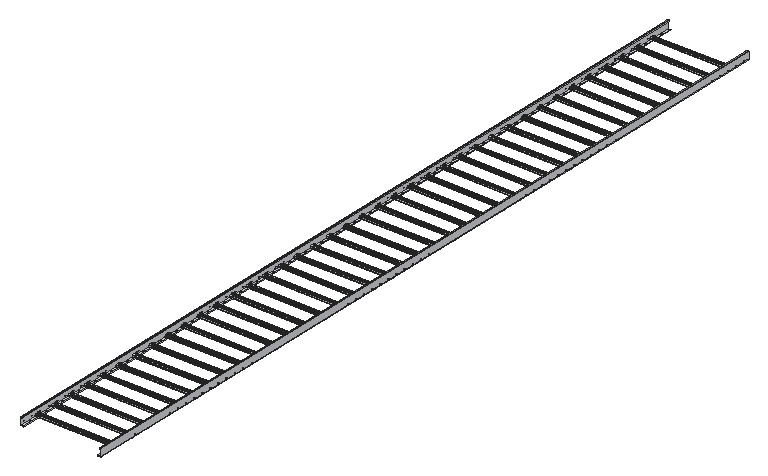
Revit family "Kabelleiter LG 60, 6 m VS FT", category Generic Models, Revit 2017 (continued)
Forms (mm)
  Extrusion 33, solid
    sketch origin (0, 4650, 0) x (0, 1, 0) y (0, 0, 1)
      loop
        arc (135, 4.5) -> (135.879, 2.379) -> (138, 1.5) r 3
        line (138, 1.5) -> (162, 1.5)
        arc (162, 1.5) -> (164.121, 2.379) -> (165, 4.5) r 3
        line (165, 4.5) -> (165, 13.5)
        arc (165, 13.5) -> (164.121, 15.621) -> (162, 16.5) r 3
        line (162, 16.5) -> (158.5, 16.5) -> (158.5, 15) -> (162, 15)
        arc (162, 15) -> (163.061, 14.561) -> (163.5, 13.5) r 1.5
        line (163.5, 13.5) -> (163.5, 4.5)
        arc (163.5, 4.5) -> (163.061, 3.439) -> (162, 3) r 1.5
        line (162, 3) -> (138, 3)
        arc (138, 3) -> (136.939, 3.439) -> (136.5, 4.5) r 1.5
        line (136.5, 4.5) -> (136.5, 13.5)
        arc (136.5, 13.5) -> (136.939, 14.561) -> (138, 15) r 1.5
        line (138, 15) -> (141.5, 15) -> (141.5, 16.5)
    from 1.663 to 598.529
  Extrusion 34, solid
    sketch origin (0, 4800, 0) x (0, 1, 0) y (0, 0, 1)
      loop
        line (141.5, 16.5) -> (138, 16.5)
        arc (138, 16.5) -> (135.879, 15.621) -> (135, 13.5) r 3
        line (135, 13.5) -> (135, 4.5)
        arc (135, 4.5) -> (135.879, 2.379) -> (138, 1.5) r 3
        line (138, 1.5) -> (162, 1.5)
        arc (162, 1.5) -> (164.121, 2.379) -> (165, 4.5) r 3
        line (165, 4.5) -> (165, 13.5)
        arc (165, 13.5) -> (164.121, 15.621) -> (162, 16.5) r 3
        line (162, 16.5) -> (158.5, 16.5) -> (158.5, 15) -> (162, 15)
        arc (162, 15) -> (163.061, 14.561) -> (163.5, 13.5) r 1.5
        line (163.5, 13.5) -> (163.5, 4.5)
        arc (163.5, 4.5) -> (163.061, 3.439) -> (162, 3) r 1.5
        line (162, 3) -> (138, 3)
        arc (138, 3) -> (136.939, 3.439) -> (136.5, 4.5) r 1.5
        line (136.5, 4.5) -> (136.5, 13.5)
        arc (136.5, 13.5) -> (136.939, 14.561) -> (138, 15) r 1.5
        line (138, 15) -> (141.5, 15) -> (141.5, 16.5)
    from 1.663 to 598.529
  Extrusion 35, solid
    sketch origin (0, 4950, 0) x (0, 1, 0) y (0, 0, 1)
      loop
        line (141.5, 16.5) -> (138, 16.5)
        arc (138, 16.5) -> (135.879, 15.621) -> (135, 13.5) r 3
        line (135, 13.5) -> (135, 4.5)
        arc (135, 4.5) -> (135.879, 2.379) -> (138, 1.5) r 3
        line (138, 1.5) -> (162, 1.5)
        arc (162, 1.5) -> (164.121, 2.379) -> (165, 4.5) r 3
        line (165, 4.5) -> (165, 13.5)
        arc (165, 13.5) -> (164.121, 15.621) -> (162, 16.5) r 3
        line (162, 16.5) -> (158.5, 16.5) -> (158.5, 15) -> (162, 15)
        arc (162, 15) -> (163.061, 14.561) -> (163.5, 13.5) r 1.5
        line (163.5, 13.5) -> (163.5, 4.5)
        arc (163.5, 4.5) -> (163.061, 3.439) -> (162, 3) r 1.5
        line (162, 3) -> (138, 3)
        arc (138, 3) -> (136.939, 3.439) -> (136.5, 4.5) r 1.5
        line (136.5, 4.5) -> (136.5, 13.5)
        arc (136.5, 13.5) -> (136.939, 14.561) -> (138, 15) r 1.5
        line (138, 15) -> (141.5, 15) -> (141.5, 16.5)
    from 1.663 to 598.529
  Extrusion 36, solid
    sketch origin (0, 5100, 0) x (0, 1, 0) y (0, 0, 1)
      loop
        line (141.5, 16.5) -> (138, 16.5)
        arc (138, 16.5) -> (135.879, 15.621) -> (135, 13.5) r 3
        line (135, 13.5) -> (135, 4.5)
        arc (135, 4.5) -> (135.879, 2.379) -> (138, 1.5) r 3
        line (138, 1.5) -> (162, 1.5)
        arc (162, 1.5) -> (164.121, 2.379) -> (165, 4.5) r 3
        line (165, 4.5) -> (165, 13.5)
        arc (165, 13.5) -> (164.121, 15.621) -> (162, 16.5) r 3
        line (162, 16.5) -> (158.5, 16.5) -> (158.5, 15) -> (162, 15)
        arc (162, 15) -> (163.061, 14.561) -> (163.5, 13.5) r 1.5
        line (163.5, 13.5) -> (163.5, 4.5)
        arc (163.5, 4.5) -> (163.061, 3.439) -> (162, 3) r 1.5
        line (162, 3) -> (138, 3)
        arc (138, 3) -> (136.939, 3.439) -> (136.5, 4.5) r 1.5
        line (136.5, 4.5) -> (136.5, 13.5)
        arc (136.5, 13.5) -> (136.939, 14.561) -> (138, 15) r 1.5
        line (138, 15) -> (141.5, 15) -> (141.5, 16.5)
    from 1.663 to 598.529
  Extrusion 37, solid
    sketch origin (0, 5250, 0) x (0, 1, 0) y (0, 0, 1)
      loop
        line (141.5, 16.5) -> (138, 16.5)
        arc (138, 16.5) -> (135.879, 15.621) -> (135, 13.5) r 3
        line (135, 13.5) -> (135, 4.5)
        arc (135, 4.5) -> (135.879, 2.379) -> (138, 1.5) r 3
        line (138, 1.5) -> (162, 1.5)
        arc (162, 1.5) -> (164.121, 2.379) -> (165, 4.5) r 3
        line (165, 4.5) -> (165, 13.5)
        arc (165, 13.5) -> (164.121, 15.621) -> (162, 16.5) r 3
        line (162, 16.5) -> (158.5, 16.5) -> (158.5, 15) -> (162, 15)
        arc (162, 15) -> (163.061, 14.561) -> (163.5, 13.5) r 1.5
        line (163.5, 13.5) -> (163.5, 4.5)
        arc (163.5, 4.5) -> (163.061, 3.439) -> (162, 3) r 1.5
        line (162, 3) -> (138, 3)
        arc (138, 3) -> (136.939, 3.439) -> (136.5, 4.5) r 1.5
        line (136.5, 4.5) -> (136.5, 13.5)
        arc (136.5, 13.5) -> (136.939, 14.561) -> (138, 15) r 1.5
        line (138, 15) -> (141.5, 15) -> (141.5, 16.5)
    from 1.663 to 598.529
  Extrusion 38, solid
    sketch origin (0, 5400, 0) x (0, 1, 0) y (0, 0, 1)
      loop
        line (141.5, 16.5) -> (138, 16.5)
        arc (138, 16.5) -> (135.879, 15.621) -> (135, 13.5) r 3
        line (135, 13.5) -> (135, 4.5)
        arc (135, 4.5) -> (135.879, 2.379) -> (138, 1.5) r 3
        line (138, 1.5) -> (162, 1.5)
        arc (162, 1.5) -> (164.121, 2.379) -> (165, 4.5) r 3
        line (165, 4.5) -> (165, 13.5)
        arc (165, 13.5) -> (164.121, 15.621) -> (162, 16.5) r 3
        line (162, 16.5) -> (158.5, 16.5) -> (158.5, 15) -> (162, 15)
        arc (162, 15) -> (163.061, 14.561) -> (163.5, 13.5) r 1.5
        line (163.5, 13.5) -> (163.5, 4.5)
        arc (163.5, 4.5) -> (163.061, 3.439) -> (162, 3) r 1.5
        line (162, 3) -> (138, 3)
        arc (138, 3) -> (136.939, 3.439) -> (136.5, 4.5) r 1.5
        line (136.5, 4.5) -> (136.5, 13.5)
        arc (136.5, 13.5) -> (136.939, 14.561) -> (138, 15) r 1.5
        line (138, 15) -> (141.5, 15) -> (141.5, 16.5)
    from 1.663 to 598.529
  Extrusion 39, solid
    sketch origin (0, 5550, 0) x (0, 1, 0) y (0, 0, 1)
      loop
        line (141.5, 16.5) -> (138, 16.5)
        arc (138, 16.5) -> (135.879, 15.621) -> (135, 13.5) r 3
        line (135, 13.5) -> (135, 4.5)
        arc (135, 4.5) -> (135.879, 2.379) -> (138, 1.5) r 3
        line (138, 1.5) -> (162, 1.5)
        arc (162, 1.5) -> (164.121, 2.379) -> (165, 4.5) r 3
        line (165, 4.5) -> (165, 13.5)
        arc (165, 13.5) -> (164.121, 15.621) -> (162, 16.5) r 3
        line (162, 16.5) -> (158.5, 16.5) -> (158.5, 15) -> (162, 15)
        arc (162, 15) -> (163.061, 14.561) -> (163.5, 13.5) r 1.5
        line (163.5, 13.5) -> (163.5, 4.5)
        arc (163.5, 4.5) -> (163.061, 3.439) -> (162, 3) r 1.5
        line (162, 3) -> (138, 3)
        arc (138, 3) -> (136.939, 3.439) -> (136.5, 4.5) r 1.5
        line (136.5, 4.5) -> (136.5, 13.5)
        arc (136.5, 13.5) -> (136.939, 14.561) -> (138, 15) r 1.5
        line (138, 15) -> (141.5, 15) -> (141.5, 16.5)
    from 1.663 to 598.529
  Extrusion 40, solid
    sketch origin (0, 5700, 0) x (0, 1, 0) y (0, 0, 1)
      loop
        line (141.5, 16.5) -> (138, 16.5)
        arc (138, 16.5) -> (135.879, 15.621) -> (135, 13.5) r 3
        line (135, 13.5) -> (135, 4.5)
        arc (135, 4.5) -> (135.879, 2.379) -> (138, 1.5) r 3
        line (138, 1.5) -> (162, 1.5)
        arc (162, 1.5) -> (164.121, 2.379) -> (165, 4.5) r 3
        line (165, 4.5) -> (165, 13.5)
        arc (165, 13.5) -> (164.121, 15.621) -> (162, 16.5) r 3
        line (162, 16.5) -> (158.5, 16.5) -> (158.5, 15) -> (162, 15)
        arc (162, 15) -> (163.061, 14.561) -> (163.5, 13.5) r 1.5
        line (163.5, 13.5) -> (163.5, 4.5)
        arc (163.5, 4.5) -> (163.061, 3.439) -> (162, 3) r 1.5
        line (162, 3) -> (138, 3)
        arc (138, 3) -> (136.939, 3.439) -> (136.5, 4.5) r 1.5
        line (136.5, 4.5) -> (136.5, 13.5)
        arc (136.5, 13.5) -> (136.939, 14.561) -> (138, 15) r 1.5
        line (138, 15) -> (141.5, 15) -> (141.5, 16.5)
    from 1.663 to 598.529
  Extrusion 41, void
    sketch origin (0, 0, 0) x (1, 0, 0) y (0, 1, 0)
      loop
        circle (16.5, 75) r 4.5
    from 0 to 3
  Extrusion 42, void
    sketch origin (0, 150, 0) x (1, 0, 0) y (0, 1, 0)
      loop
        circle (16.5, 75) r 4.5
    from 0 to 3
  Extrusion 43, void
    sketch origin (0, 0, 0) x (1, 0, 0) y (0, 1, 0)
      loop
        circle (583.466, 75) r 4.5
    from 0 to 3
  Extrusion 44, void
    sketch origin (0, 300, 0) x (1, 0, 0) y (0, 1, 0)
      loop
        circle (16.5, 75) r 4.5
    from 0 to 3
  Extrusion 45, void
    sketch origin (0, 450, 0) x (1, 0, 0) y (0, 1, 0)
      loop
        circle (16.5, 75) r 4.5
    from 0 to 3
  Extrusion 46, void
    sketch origin (0, 600, 0) x (1, 0, 0) y (0, 1, 0)
      loop
        circle (16.5, 75) r 4.5
    from 0 to 3
  Extrusion 47, void
    sketch origin (0, 750, 0) x (1, 0, 0) y (0, 1, 0)
      loop
        circle (16.5, 75) r 4.5
    from 0 to 3
  Extrusion 48, void
    sketch origin (0, 900, 0) x (1, 0, 0) y (0, 1, 0)
      loop
        circle (16.5, 75) r 4.5
    from 0 to 3
  Extrusion 49, void
    sketch origin (0, 1050, 0) x (1, 0, 0) y (0, 1, 0)
      loop
        circle (16.5, 75) r 4.5
    from 0 to 3
  Extrusion 50, void
    sketch origin (0, 1200, 0) x (1, 0, 0) y (0, 1, 0)
      loop
        circle (16.5, 75) r 4.5
    from 0 to 3
  Extrusion 51, void
    sketch origin (0, 1350, 0) x (1, 0, 0) y (0, 1, 0)
      loop
        circle (16.5, 75) r 4.5
    from 0 to 3
  Extrusion 52, void
    sketch origin (0, 1500, 0) x (1, 0, 0) y (0, 1, 0)
      loop
        circle (16.5, 75) r 4.5
    from 0 to 3
  Extrusion 53, void
    sketch origin (0, 1650, 0) x (1, 0, 0) y (0, 1, 0)
      loop
        circle (16.5, 75) r 4.5
    from 0 to 3
  Extrusion 54, void
    sketch origin (0, 1800, 0) x (1, 0, 0) y (0, 1, 0)
      loop
        circle (16.5, 75) r 4.5
    from 0 to 3
  Extrusion 55, void
    sketch origin (0, 1950, 0) x (1, 0, 0) y (0, 1, 0)
      loop
        circle (16.5, 75) r 4.5
    from 0 to 3
  Extrusion 56, void
    sketch origin (0, 2100, 0) x (1, 0, 0) y (0, 1, 0)
      loop
        circle (16.5, 75) r 4.5
    from 0 to 3
  Extrusion 57, void
    sketch origin (0, 2250, 0) x (1, 0, 0) y (0, 1, 0)
      loop
        circle (16.5, 75) r 4.5
    from 0 to 3
  Extrusion 58, void
    sketch origin (0, 2400, 0) x (1, 0, 0) y (0, 1, 0)
      loop
        circle (16.5, 75) r 4.5
    from 0 to 3
  Extrusion 59, void
    sketch origin (0, 2550, 0) x (1, 0, 0) y (0, 1, 0)
      loop
        circle (16.5, 75) r 4.5
    from 0 to 3
  Extrusion 60, void
    sketch origin (0, 2700, 0) x (1, 0, 0) y (0, 1, 0)
      loop
        circle (16.5, 75) r 4.5
    from 0 to 3
  Extrusion 61, void
    sketch origin (0, 2850, 0) x (1, 0, 0) y (0, 1, 0)
      loop
        circle (16.5, 75) r 4.5
    from 0 to 3
  Extrusion 62, void
    sketch origin (0, 3000, 0) x (1, 0, 0) y (0, 1, 0)
      loop
        circle (16.5, 75) r 4.5
    from 0 to 3
  Extrusion 63, void
    sketch origin (0, 3150, 0) x (1, 0, 0) y (0, 1, 0)
      loop
        circle (16.5, 75) r 4.5
    from 0 to 3
  Extrusion 64, void
    sketch origin (0, 3300, 0) x (1, 0, 0) y (0, 1, 0)
      loop
        circle (16.5, 75) r 4.5
    from 0 to 3
  Extrusion 65, void
    sketch origin (0, 3450, 0) x (1, 0, 0) y (0, 1, 0)
      loop
        circle (16.5, 75) r 4.5
    from 0 to 3
  Extrusion 66, void
    sketch origin (0, 3600, 0) x (1, 0, 0) y (0, 1, 0)
      loop
        circle (16.5, 75) r 4.5
    from 0 to 3
  Extrusion 67, void
    sketch origin (0, 3750, 0) x (1, 0, 0) y (0, 1, 0)
      loop
        circle (16.5, 75) r 4.5
    from 0 to 3
  Extrusion 68, void
    sketch origin (0, 3900, 0) x (1, 0, 0) y (0, 1, 0)
      loop
        circle (16.5, 75) r 4.5
    from 0 to 3
  Extrusion 69, void
    sketch origin (0, 4050, 0) x (1, 0, 0) y (0, 1, 0)
      loop
        circle (16.5, 75) r 4.5
    from 0 to 3
  Extrusion 70, void
    sketch origin (0, 4200, 0) x (1, 0, 0) y (0, 1, 0)
      loop
        circle (16.5, 75) r 4.5
    from 0 to 3
  Extrusion 71, void
    sketch origin (0, 4350, 0) x (1, 0, 0) y (0, 1, 0)
      loop
        circle (16.5, 75) r 4.5
    from 0 to 3
  Extrusion 72, void
    sketch origin (0, 4500, 0) x (1, 0, 0) y (0, 1, 0)
      loop
        circle (16.5, 75) r 4.5
    from 0 to 3
  Extrusion 73, void
    sketch origin (0, 4650, 0) x (1, 0, 0) y (0, 1, 0)
      loop
        circle (16.5, 75) r 4.5
    from 0 to 3
  Extrusion 74, void
    sketch origin (0, 4800, 0) x (1, 0, 0) y (0, 1, 0)
      loop
        circle (16.5, 75) r 4.5
    from 0 to 3
  Extrusion 75, void
    sketch origin (0, 4950, 0) x (1, 0, 0) y (0, 1, 0)
      loop
        circle (16.5, 75) r 4.5
    from 0 to 3
  Extrusion 76, void
    sketch origin (0, 5100, 0) x (1, 0, 0) y (0, 1, 0)
      loop
        circle (16.5, 75) r 4.5
    from 0 to 3
  Extrusion 77, void
    sketch origin (0, 5250, 0) x (1, 0, 0) y (0, 1, 0)
      loop
        circle (16.5, 75) r 4.5
    from 0 to 3
  Extrusion 78, void
    sketch origin (0, 5400, 0) x (1, 0, 0) y (0, 1, 0)
      loop
        circle (16.5, 75) r 4.5
    from 0 to 3
  Extrusion 79, void
    sketch origin (0, 5550, 0) x (1, 0, 0) y (0, 1, 0)
      loop
        circle (16.5, 75) r 4.5
    from 0 to 3
  Extrusion 80, void
    sketch origin (0, 5700, 0) x (1, 0, 0) y (0, 1, 0)
      loop
        circle (16.5, 75) r 4.5
    from 0 to 3
  Extrusion 81, void
    sketch origin (0, 5850, 0) x (1, 0, 0) y (0, 1, 0)
      loop
        circle (16.5, 75) r 4.5
    from 0 to 3
  Extrusion 82, void
    sketch origin (567.045, 150, 0) x (1, 0, 0) y (0, 1, 0)
      loop
        circle (16.5, 75) r 4.5
    from 0 to 3
  Extrusion 83, void
    sketch origin (567.045, 300, 0) x (1, 0, 0) y (0, 1, 0)
      loop
        circle (16.5, 75) r 4.5
    from 0 to 3
  Extrusion 84, void
    sketch origin (567.045, 450, 0) x (1, 0, 0) y (0, 1, 0)
      loop
        circle (16.5, 75) r 4.5
    from 0 to 3
  Extrusion 85, void
    sketch origin (567.045, 600, 0) x (1, 0, 0) y (0, 1, 0)
      loop
        circle (16.5, 75) r 4.5
    from 0 to 3
  Extrusion 86, void
    sketch origin (567.045, 750, 0) x (1, 0, 0) y (0, 1, 0)
      loop
        circle (16.5, 75) r 4.5
    from 0 to 3
  Extrusion 87, void
    sketch origin (567.045, 900, 0) x (1, 0, 0) y (0, 1, 0)
      loop
        circle (16.5, 75) r 4.5
    from 0 to 3
  Extrusion 88, void
    sketch origin (567.045, 1050, 0) x (1, 0, 0) y (0, 1, 0)
      loop
        circle (16.5, 75) r 4.5
    from 0 to 3
  Extrusion 89, void
    sketch origin (567.045, 1200, 0) x (1, 0, 0) y (0, 1, 0)
      loop
        circle (16.5, 75) r 4.5
    from 0 to 3
  Extrusion 90, void
    sketch origin (567.045, 1350, 0) x (1, 0, 0) y (0, 1, 0)
      loop
        circle (16.5, 75) r 4.5
    from 0 to 3
  Extrusion 91, void
    sketch origin (567.045, 1500, 0) x (1, 0, 0) y (0, 1, 0)
      loop
        circle (16.5, 75) r 4.5
    from 0 to 3
  Extrusion 92, void
    sketch origin (567.045, 1650, 0) x (1, 0, 0) y (0, 1, 0)
      loop
        circle (16.5, 75) r 4.5
    from 0 to 3
  Extrusion 93, void
    sketch origin (567.045, 1800, 0) x (1, 0, 0) y (0, 1, 0)
      loop
        circle (16.5, 75) r 4.5
    from 0 to 3
  Extrusion 94, void
    sketch origin (567.045, 1950, 0) x (1, 0, 0) y (0, 1, 0)
      loop
        circle (16.5, 75) r 4.5
    from 0 to 3
  Extrusion 95, void
    sketch origin (568.545, 2100, 0) x (1, 0, 0) y (0, 1, 0)
      loop
        circle (16.5, 75) r 4.5
    from 0 to 3
  Extrusion 96, void, not visible
    sketch origin (0, 0, 0) x (1, 0, 0) y (0, 1, 0)
      loop
        circle (16.5, 75) r 4.5
    from 0 to 3
  Extrusion 97, void
    sketch origin (566.995, 2250, 0) x (1, 0, 0) y (0, 1, 0)
      loop
        circle (16.5, 75) r 4.5
    from 0 to 3
  Extrusion 98, void
    sketch origin (566.995, 2400, 0) x (1, 0, 0) y (0, 1, 0)
      loop
        circle (16.5, 75) r 4.5
    from 0 to 3
  Extrusion 99, void
    sketch origin (566.995, 2550, 0) x (1, 0, 0) y (0, 1, 0)
      loop
        circle (16.5, 75) r 4.5
    from 0 to 3
  Extrusion 100, void
    sketch origin (566.995, 2700, 0) x (1, 0, 0) y (0, 1, 0)
      loop
        circle (16.5, 75) r 4.5
    from 0 to 3
  Extrusion 101, void
    sketch origin (566.995, 2850, 0) x (1, 0, 0) y (0, 1, 0)
      loop
        circle (16.5, 75) r 4.5
    from 0 to 3
  Extrusion 102, void
    sketch origin (566.995, 3000, 0) x (1, 0, 0) y (0, 1, 0)
      loop
        circle (16.5, 75) r 4.5
    from 0 to 3
  Extrusion 103, void
    sketch origin (566.995, 3150, 0) x (1, 0, 0) y (0, 1, 0)
      loop
        circle (16.5, 75) r 4.5
    from 0 to 3
  Extrusion 104, void
    sketch origin (566.995, 3300, 0) x (1, 0, 0) y (0, 1, 0)
      loop
        circle (16.5, 75) r 4.5
    from 0 to 3
  Extrusion 105, void
    sketch origin (566.995, 3450, 0) x (1, 0, 0) y (0, 1, 0)
      loop
        circle (16.5, 75) r 4.5
    from 0 to 3
  Extrusion 106, void
    sketch origin (566.995, 3600, 0) x (1, 0, 0) y (0, 1, 0)
      loop
        circle (16.5, 75) r 4.5
    from 0 to 3
  Extrusion 107, void
    sketch origin (567.045, 3750, 0) x (1, 0, 0) y (0, 1, 0)
      loop
        circle (16.5, 75) r 4.5
    from 0 to 3
  Extrusion 108, void
    sketch origin (567.045, 3900, 0) x (1, 0, 0) y (0, 1, 0)
      loop
        circle (16.5, 75) r 4.5
    from 0 to 3
  Extrusion 109, void
    sketch origin (567.045, 4050, 0) x (1, 0, 0) y (0, 1, 0)
      loop
        circle (16.5, 75) r 4.5
    from 0 to 3
  Extrusion 110, void
    sketch origin (567.045, 4200, 0) x (1, 0, 0) y (0, 1, 0)
      loop
        circle (16.5, 75) r 4.5
    from 0 to 3
  Extrusion 111, void
    sketch origin (567.045, 4350, 0) x (1, 0, 0) y (0, 1, 0)
      loop
        circle (16.5, 75) r 4.5
    from 0 to 3
  Extrusion 112, void
    sketch origin (567.045, 4500, 0) x (1, 0, 0) y (0, 1, 0)
      loop
        circle (16.5, 75) r 4.5
    from 0 to 3
  Extrusion 113, void
    sketch origin (567.045, 4650, 0) x (1, 0, 0) y (0, 1, 0)
      loop
        circle (16.5, 75) r 4.5
    from 0 to 3
  Extrusion 114, void
    sketch origin (567.045, 4800, 0) x (1, 0, 0) y (0, 1, 0)
      loop
        circle (16.5, 75) r 4.5
    from 0 to 3
  Extrusion 115, void
    sketch origin (567.045, 4950, 0) x (1, 0, 0) y (0, 1, 0)
      loop
        circle (16.5, 75) r 4.5
    from 0 to 3
  Extrusion 116, void
    sketch origin (567.045, 5100, 0) x (1, 0, 0) y (0, 1, 0)
      loop
        circle (16.5, 75) r 4.5
    from 0 to 3
  Extrusion 117, void
    sketch origin (567.045, 5250, 0) x (1, 0, 0) y (0, 1, 0)
      loop
        circle (16.5, 75) r 4.5
    from 0 to 3
  Extrusion 118, void
    sketch origin (567.045, 5400, 0) x (1, 0, 0) y (0, 1, 0)
      loop
        circle (16.5, 75) r 4.5
    from 0 to 3
  Extrusion 119, void
    sketch origin (567.045, 5550, 0) x (1, 0, 0) y (0, 1, 0)
      loop
        circle (16.5, 75) r 4.5
    from 0 to 3
  Extrusion 120, void
    sketch origin (567.045, 5700, 0) x (1, 0, 0) y (0, 1, 0)
      loop
        circle (16.5, 75) r 4.5
    from 0 to 3
  Extrusion 121, void
    sketch origin (567.045, 5850, 0) x (1, 0, 0) y (0, 1, 0)
      loop
        circle (16.5, 75) r 4.5
    from 0 to 3
  Extrusion 122, void
    sketch origin (0, 0, 0) x (0, 1, 0) y (0, 0, 1)
      loop
        line (23.5, 18.5) -> (23.5, 9.5) -> (51.5, 9.5) -> (51.5, 18.5) -> (23.5, 18.5)
    from 0 to 1.5
  Extrusion 123, void
    sketch origin (0, 75, 0) x (0, 1, 0) y (0, 0, 1)
      loop
        line (23.5, 18.5) -> (23.5, 9.5) -> (51.5, 9.5) -> (51.5, 18.5) -> (23.5, 18.5)
    from 0 to 1.5
  Extrusion 124, void
    sketch origin (0, 150, 0) x (0, 1, 0) y (0, 0, 1)
      loop
        line (23.5, 18.5) -> (23.5, 9.5) -> (51.5, 9.5) -> (51.5, 18.5) -> (23.5, 18.5)
    from 0 to 1.5
  Extrusion 125, void
    sketch origin (0, 225, 0) x (0, 1, 0) y (0, 0, 1)
      loop
        line (23.5, 18.5) -> (23.5, 9.5) -> (51.5, 9.5) -> (51.5, 18.5) -> (23.5, 18.5)
    from 0 to 1.5
  Extrusion 126, void
    sketch origin (0, 300, 0) x (0, 1, 0) y (0, 0, 1)
      loop
        line (23.5, 18.5) -> (23.5, 9.5) -> (51.5, 9.5) -> (51.5, 18.5) -> (23.5, 18.5)
    from 0 to 1.5
  Extrusion 127, void
    sketch origin (0, 375, 0) x (0, 1, 0) y (0, 0, 1)
      loop
        line (23.5, 18.5) -> (23.5, 9.5) -> (51.5, 9.5) -> (51.5, 18.5) -> (23.5, 18.5)
    from 0 to 1.5
  Extrusion 128, void
    sketch origin (0, 450, 0) x (0, 1, 0) y (0, 0, 1)
      loop
        line (23.5, 18.5) -> (23.5, 9.5) -> (51.5, 9.5) -> (51.5, 18.5) -> (23.5, 18.5)
    from 0 to 1.5
  Extrusion 129, void
    sketch origin (0, 525, 0) x (0, 1, 0) y (0, 0, 1)
      loop
        line (23.5, 18.5) -> (23.5, 9.5) -> (51.5, 9.5) -> (51.5, 18.5) -> (23.5, 18.5)
    from 0 to 1.5
  Extrusion 130, void
    sketch origin (0, 600, 0) x (0, 1, 0) y (0, 0, 1)
      loop
        line (23.5, 18.5) -> (23.5, 9.5) -> (51.5, 9.5) -> (51.5, 18.5) -> (23.5, 18.5)
    from 0 to 1.5
  Extrusion 131, void
    sketch origin (0, 675, 0) x (0, 1, 0) y (0, 0, 1)
      loop
        line (23.5, 18.5) -> (23.5, 9.5) -> (51.5, 9.5) -> (51.5, 18.5) -> (23.5, 18.5)
    from 0 to 1.5
  Extrusion 132, void
    sketch origin (0, 750, 0) x (0, 1, 0) y (0, 0, 1)
      loop
        line (23.5, 18.5) -> (23.5, 9.5) -> (51.5, 9.5) -> (51.5, 18.5) -> (23.5, 18.5)
    from 0 to 1.5
  Extrusion 133, void
    sketch origin (0, 825, 0) x (0, 1, 0) y (0, 0, 1)
      loop
        line (23.5, 18.5) -> (23.5, 9.5) -> (51.5, 9.5) -> (51.5, 18.5) -> (23.5, 18.5)
    from 0 to 1.5
  Extrusion 134, void
    sketch origin (0, 900, 0) x (0, 1, 0) y (0, 0, 1)
      loop
        line (23.5, 18.5) -> (23.5, 9.5) -> (51.5, 9.5) -> (51.5, 18.5) -> (23.5, 18.5)
    from 0 to 1.5
  Extrusion 135, void
    sketch origin (0, 975, 0) x (0, 1, 0) y (0, 0, 1)
      loop
        line (23.5, 18.5) -> (23.5, 9.5) -> (51.5, 9.5) -> (51.5, 18.5) -> (23.5, 18.5)
    from 0 to 1.5
  Extrusion 136, void
    sketch origin (0, 1050, 0) x (0, 1, 0) y (0, 0, 1)
      loop
        line (23.5, 18.5) -> (23.5, 9.5) -> (51.5, 9.5) -> (51.5, 18.5) -> (23.5, 18.5)
    from 0 to 1.5
  Extrusion 137, void
    sketch origin (0, 1125, 0) x (0, 1, 0) y (0, 0, 1)
      loop
        line (23.5, 18.5) -> (23.5, 9.5) -> (51.5, 9.5) -> (51.5, 18.5) -> (23.5, 18.5)
    from 0 to 1.5
  Extrusion 138, void
    sketch origin (0, 1200, 0) x (0, 1, 0) y (0, 0, 1)
      loop
        line (23.5, 18.5) -> (23.5, 9.5) -> (51.5, 9.5) -> (51.5, 18.5) -> (23.5, 18.5)
    from 0 to 1.5
  Extrusion 139, void
    sketch origin (0, 1275, 0) x (0, 1, 0) y (0, 0, 1)
      loop
        line (23.5, 18.5) -> (23.5, 9.5) -> (51.5, 9.5) -> (51.5, 18.5) -> (23.5, 18.5)
    from 0 to 1.5
  Extrusion 140, void
    sketch origin (0, 1350, 0) x (0, 1, 0) y (0, 0, 1)
      loop
        line (23.5, 18.5) -> (23.5, 9.5) -> (51.5, 9.5) -> (51.5, 18.5) -> (23.5, 18.5)
    from 0 to 1.5
  Extrusion 141, void
    sketch origin (0, 1425, 0) x (0, 1, 0) y (0, 0, 1)
      loop
        line (23.5, 18.5) -> (23.5, 9.5) -> (51.5, 9.5) -> (51.5, 18.5) -> (23.5, 18.5)
    from 0 to 1.5
  Extrusion 142, void
    sketch origin (0, 1500, 0) x (0, 1, 0) y (0, 0, 1)
      loop
        line (23.5, 18.5) -> (23.5, 9.5) -> (51.5, 9.5) -> (51.5, 18.5) -> (23.5, 18.5)
    from 0 to 1.5
  Extrusion 143, void
    sketch origin (0, 1575, 0) x (0, 1, 0) y (0, 0, 1)
      loop
        line (23.5, 18.5) -> (23.5, 9.5) -> (51.5, 9.5) -> (51.5, 18.5) -> (23.5, 18.5)
    from 0 to 1.5
  Extrusion 144, void
    sketch origin (0, 1650, 0) x (0, 1, 0) y (0, 0, 1)
      loop
        line (23.5, 18.5) -> (23.5, 9.5) -> (51.5, 9.5) -> (51.5, 18.5) -> (23.5, 18.5)
    from 0 to 1.5
  Extrusion 145, void
    sketch origin (0, 1725, 0) x (0, 1, 0) y (0, 0, 1)
      loop
        line (23.5, 18.5) -> (23.5, 9.5) -> (51.5, 9.5) -> (51.5, 18.5) -> (23.5, 18.5)
    from 0 to 1.5
  Extrusion 146, void
    sketch origin (0, 1800, 0) x (0, 1, 0) y (0, 0, 1)
      loop
        line (23.5, 18.5) -> (23.5, 9.5) -> (51.5, 9.5) -> (51.5, 18.5) -> (23.5, 18.5)
    from 0 to 1.5
  Extrusion 147, void
    sketch origin (0, 1875, 0) x (0, 1, 0) y (0, 0, 1)
      loop
        line (23.5, 18.5) -> (23.5, 9.5) -> (51.5, 9.5) -> (51.5, 18.5) -> (23.5, 18.5)
    from 0 to 1.5
  Extrusion 148, void
    sketch origin (0, 1950, 0) x (0, 1, 0) y (0, 0, 1)
      loop
        line (23.5, 18.5) -> (23.5, 9.5) -> (51.5, 9.5) -> (51.5, 18.5) -> (23.5, 18.5)
    from 0 to 1.5
  Extrusion 149, void
    sketch origin (0, 2025, 0) x (0, 1, 0) y (0, 0, 1)
      loop
        line (23.5, 18.5) -> (23.5, 9.5) -> (51.5, 9.5) -> (51.5, 18.5) -> (23.5, 18.5)
    from 0 to 1.5
  Extrusion 150, void
    sketch origin (0, 2100, 0) x (0, 1, 0) y (0, 0, 1)
      loop
        line (23.5, 18.5) -> (23.5, 9.5) -> (51.5, 9.5) -> (51.5, 18.5) -> (23.5, 18.5)
    from 0 to 1.5
  Extrusion 151, void
    sketch origin (0, 2175, 0) x (0, 1, 0) y (0, 0, 1)
      loop
        line (23.5, 18.5) -> (23.5, 9.5) -> (51.5, 9.5) -> (51.5, 18.5) -> (23.5, 18.5)
    from 0 to 1.5
  Extrusion 152, void
    sketch origin (0, 2250, 0) x (0, 1, 0) y (0, 0, 1)
      loop
        line (23.5, 18.5) -> (23.5, 9.5) -> (51.5, 9.5) -> (51.5, 18.5) -> (23.5, 18.5)
    from 0 to 1.5
  Extrusion 153, void
    sketch origin (0, 2325, 0) x (0, 1, 0) y (0, 0, 1)
      loop
        line (23.5, 18.5) -> (23.5, 9.5) -> (51.5, 9.5) -> (51.5, 18.5) -> (23.5, 18.5)
    from 0 to 1.5
  Extrusion 154, void
    sketch origin (0, 2400, 0) x (0, 1, 0) y (0, 0, 1)
      loop
        line (23.5, 18.5) -> (23.5, 9.5) -> (51.5, 9.5) -> (51.5, 18.5) -> (23.5, 18.5)
    from 0 to 1.5
  Extrusion 155, void
    sketch origin (0, 2475, 0) x (0, 1, 0) y (0, 0, 1)
      loop
        line (23.5, 18.5) -> (23.5, 9.5) -> (51.5, 9.5) -> (51.5, 18.5) -> (23.5, 18.5)
    from 0 to 1.5
  Extrusion 156, void
    sketch origin (0, 2550, 0) x (0, 1, 0) y (0, 0, 1)
      loop
        line (23.5, 18.5) -> (23.5, 9.5) -> (51.5, 9.5) -> (51.5, 18.5) -> (23.5, 18.5)
    from 0 to 1.5
  Extrusion 157, void
    sketch origin (0, 2625, 0) x (0, 1, 0) y (0, 0, 1)
      loop
        line (23.5, 18.5) -> (23.5, 9.5) -> (51.5, 9.5) -> (51.5, 18.5) -> (23.5, 18.5)
    from 0 to 1.5
  Extrusion 158, void
    sketch origin (0, 2700, 0) x (0, 1, 0) y (0, 0, 1)
      loop
        line (23.5, 18.5) -> (23.5, 9.5) -> (51.5, 9.5) -> (51.5, 18.5) -> (23.5, 18.5)
    from 0 to 1.5
  Extrusion 159, void
    sketch origin (0, 2775, 0) x (0, 1, 0) y (0, 0, 1)
      loop
        line (23.5, 18.5) -> (23.5, 9.5) -> (51.5, 9.5) -> (51.5, 18.5) -> (23.5, 18.5)
    from 0 to 1.5
  Extrusion 160, void
    sketch origin (0, 2850, 0) x (0, 1, 0) y (0, 0, 1)
      loop
        line (23.5, 18.5) -> (23.5, 9.5) -> (51.5, 9.5) -> (51.5, 18.5) -> (23.5, 18.5)
    from 0 to 1.5
  Extrusion 161, void
    sketch origin (0, 2925, 0) x (0, 1, 0) y (0, 0, 1)
      loop
        line (23.5, 18.5) -> (23.5, 9.5) -> (51.5, 9.5) -> (51.5, 18.5) -> (23.5, 18.5)
    from 0 to 1.5
  Extrusion 162, void
    sketch origin (0, 3000, 0) x (0, 1, 0) y (0, 0, 1)
      loop
        line (23.5, 18.5) -> (23.5, 9.5) -> (51.5, 9.5) -> (51.5, 18.5) -> (23.5, 18.5)
    from 0 to 1.5
  Extrusion 163, void
    sketch origin (0, 3075, 0) x (0, 1, 0) y (0, 0, 1)
      loop
        line (23.5, 18.5) -> (23.5, 9.5) -> (51.5, 9.5) -> (51.5, 18.5) -> (23.5, 18.5)
    from 0 to 1.5
  Extrusion 164, void
    sketch origin (0, 3150, 0) x (0, 1, 0) y (0, 0, 1)
      loop
        line (23.5, 18.5) -> (23.5, 9.5) -> (51.5, 9.5) -> (51.5, 18.5) -> (23.5, 18.5)
    from 0 to 1.5
  Extrusion 165, void
    sketch origin (0, 3225, 0) x (0, 1, 0) y (0, 0, 1)
      loop
        line (23.5, 18.5) -> (23.5, 9.5) -> (51.5, 9.5) -> (51.5, 18.5) -> (23.5, 18.5)
    from 0 to 1.5
  Extrusion 166, void
    sketch origin (0, 3300, 0) x (0, 1, 0) y (0, 0, 1)
      loop
        line (23.5, 18.5) -> (23.5, 9.5) -> (51.5, 9.5) -> (51.5, 18.5) -> (23.5, 18.5)
    from 0 to 1.5
  Extrusion 167, void
    sketch origin (0, 3375, 0) x (0, 1, 0) y (0, 0, 1)
      loop
        line (23.5, 18.5) -> (23.5, 9.5) -> (51.5, 9.5) -> (51.5, 18.5) -> (23.5, 18.5)
    from 0 to 1.5
  Extrusion 168, void
    sketch origin (0, 3450, 0) x (0, 1, 0) y (0, 0, 1)
      loop
        line (23.5, 18.5) -> (23.5, 9.5) -> (51.5, 9.5) -> (51.5, 18.5) -> (23.5, 18.5)
    from 0 to 1.5
  Extrusion 169, void
    sketch origin (0, 3525, 0) x (0, 1, 0) y (0, 0, 1)
      loop
        line (23.5, 18.5) -> (23.5, 9.5) -> (51.5, 9.5) -> (51.5, 18.5) -> (23.5, 18.5)
    from 0 to 1.5
  Extrusion 170, void
    sketch origin (0, 3600, 0) x (0, 1, 0) y (0, 0, 1)
      loop
        line (23.5, 18.5) -> (23.5, 9.5) -> (51.5, 9.5) -> (51.5, 18.5) -> (23.5, 18.5)
    from 0 to 1.5
  Extrusion 171, void
    sketch origin (0, 3675, 0) x (0, 1, 0) y (0, 0, 1)
      loop
        line (23.5, 18.5) -> (23.5, 9.5) -> (51.5, 9.5) -> (51.5, 18.5) -> (23.5, 18.5)
    from 0 to 1.5
  Extrusion 172, void
    sketch origin (0, 3750, 0) x (0, 1, 0) y (0, 0, 1)
      loop
        line (23.5, 18.5) -> (23.5, 9.5) -> (51.5, 9.5) -> (51.5, 18.5) -> (23.5, 18.5)
    from 0 to 1.5
  Extrusion 173, void
    sketch origin (0, 3825, 0) x (0, 1, 0) y (0, 0, 1)
      loop
        line (23.5, 18.5) -> (23.5, 9.5) -> (51.5, 9.5) -> (51.5, 18.5) -> (23.5, 18.5)
    from 0 to 1.5
  Extrusion 174, void
    sketch origin (0, 3900, 0) x (0, 1, 0) y (0, 0, 1)
      loop
        line (23.5, 18.5) -> (23.5, 9.5) -> (51.5, 9.5) -> (51.5, 18.5) -> (23.5, 18.5)
    from 0 to 1.5
  Extrusion 175, void
    sketch origin (0, 3975, 0) x (0, 1, 0) y (0, 0, 1)
      loop
        line (23.5, 18.5) -> (23.5, 9.5) -> (51.5, 9.5) -> (51.5, 18.5) -> (23.5, 18.5)
    from 0 to 1.5
  Extrusion 176, void
    sketch origin (0, 4050, 0) x (0, 1, 0) y (0, 0, 1)
      loop
        line (23.5, 18.5) -> (23.5, 9.5) -> (51.5, 9.5) -> (51.5, 18.5) -> (23.5, 18.5)
    from 0 to 1.5
  Extrusion 177, void
    sketch origin (0, 4125, 0) x (0, 1, 0) y (0, 0, 1)
      loop
        line (23.5, 18.5) -> (23.5, 9.5) -> (51.5, 9.5) -> (51.5, 18.5) -> (23.5, 18.5)
    from 0 to 1.5
  Extrusion 178, void
    sketch origin (0, 4200, 0) x (0, 1, 0) y (0, 0, 1)
      loop
        line (23.5, 18.5) -> (23.5, 9.5) -> (51.5, 9.5) -> (51.5, 18.5) -> (23.5, 18.5)
    from 0 to 1.5
  Extrusion 179, void
    sketch origin (0, 4275, 0) x (0, 1, 0) y (0, 0, 1)
      loop
        line (23.5, 18.5) -> (23.5, 9.5) -> (51.5, 9.5) -> (51.5, 18.5) -> (23.5, 18.5)
    from 0 to 1.5
  Extrusion 180, void
    sketch origin (0, 4350, 0) x (0, 1, 0) y (0, 0, 1)
      loop
        line (23.5, 18.5) -> (23.5, 9.5) -> (51.5, 9.5) -> (51.5, 18.5) -> (23.5, 18.5)
    from 0 to 1.5
  Extrusion 181, void
    sketch origin (0, 4425, 0) x (0, 1, 0) y (0, 0, 1)
      loop
        line (23.5, 18.5) -> (23.5, 9.5) -> (51.5, 9.5) -> (51.5, 18.5) -> (23.5, 18.5)
    from 0 to 1.5
  Extrusion 182, void
    sketch origin (0, 4500, 0) x (0, 1, 0) y (0, 0, 1)
      loop
        line (23.5, 18.5) -> (23.5, 9.5) -> (51.5, 9.5) -> (51.5, 18.5) -> (23.5, 18.5)
    from 0 to 1.5
  Extrusion 183, void
    sketch origin (0, 4575, 0) x (0, 1, 0) y (0, 0, 1)
      loop
        line (23.5, 18.5) -> (23.5, 9.5) -> (51.5, 9.5) -> (51.5, 18.5) -> (23.5, 18.5)
    from 0 to 1.5
  Extrusion 184, void
    sketch origin (0, 4650, 0) x (0, 1, 0) y (0, 0, 1)
      loop
        line (23.5, 18.5) -> (23.5, 9.5) -> (51.5, 9.5) -> (51.5, 18.5) -> (23.5, 18.5)
    from 0 to 1.5
  Extrusion 185, void
    sketch origin (0, 4725, 0) x (0, 1, 0) y (0, 0, 1)
      loop
        line (23.5, 18.5) -> (23.5, 9.5) -> (51.5, 9.5) -> (51.5, 18.5) -> (23.5, 18.5)
    from 0 to 1.5
  Extrusion 186, void
    sketch origin (0, 4800, 0) x (0, 1, 0) y (0, 0, 1)
      loop
        line (23.5, 18.5) -> (23.5, 9.5) -> (51.5, 9.5) -> (51.5, 18.5) -> (23.5, 18.5)
    from 0 to 1.5
  Extrusion 187, void
    sketch origin (0, 4875, 0) x (0, 1, 0) y (0, 0, 1)
      loop
        line (23.5, 18.5) -> (23.5, 9.5) -> (51.5, 9.5) -> (51.5, 18.5) -> (23.5, 18.5)
    from 0 to 1.5
  Extrusion 188, void
    sketch origin (0, 4950, 0) x (0, 1, 0) y (0, 0, 1)
      loop
        line (23.5, 18.5) -> (23.5, 9.5) -> (51.5, 9.5) -> (51.5, 18.5) -> (23.5, 18.5)
    from 0 to 1.5
  Extrusion 189, void
    sketch origin (0, 5025, 0) x (0, 1, 0) y (0, 0, 1)
      loop
        line (23.5, 18.5) -> (23.5, 9.5) -> (51.5, 9.5) -> (51.5, 18.5) -> (23.5, 18.5)
    from 0 to 1.5
  Extrusion 190, void
    sketch origin (0, 5100, 0) x (0, 1, 0) y (0, 0, 1)
      loop
        line (23.5, 18.5) -> (23.5, 9.5) -> (51.5, 9.5) -> (51.5, 18.5) -> (23.5, 18.5)
    from 0 to 1.5
  Extrusion 191, void
    sketch origin (0, 5175, 0) x (0, 1, 0) y (0, 0, 1)
      loop
        line (23.5, 18.5) -> (23.5, 9.5) -> (51.5, 9.5) -> (51.5, 18.5) -> (23.5, 18.5)
    from 0 to 1.5
  Extrusion 192, void
    sketch origin (0, 5250, 0) x (0, 1, 0) y (0, 0, 1)
      loop
        line (23.5, 18.5) -> (23.5, 9.5) -> (51.5, 9.5) -> (51.5, 18.5) -> (23.5, 18.5)
    from 0 to 1.5
  Extrusion 193, void
    sketch origin (0, 5325, 0) x (0, 1, 0) y (0, 0, 1)
      loop
        line (23.5, 18.5) -> (23.5, 9.5) -> (51.5, 9.5) -> (51.5, 18.5) -> (23.5, 18.5)
    from 0 to 1.5
  Extrusion 194, void
    sketch origin (0, 5400, 0) x (0, 1, 0) y (0, 0, 1)
      loop
        line (23.5, 18.5) -> (23.5, 9.5) -> (51.5, 9.5) -> (51.5, 18.5) -> (23.5, 18.5)
    from 0 to 1.5
  Extrusion 195, void
    sketch origin (0, 5475, 0) x (0, 1, 0) y (0, 0, 1)
      loop
        line (23.5, 18.5) -> (23.5, 9.5) -> (51.5, 9.5) -> (51.5, 18.5) -> (23.5, 18.5)
    from 0 to 1.5
  Extrusion 196, void
    sketch origin (0, 5550, 0) x (0, 1, 0) y (0, 0, 1)
      loop
        line (23.5, 18.5) -> (23.5, 9.5) -> (51.5, 9.5) -> (51.5, 18.5) -> (23.5, 18.5)
    from 0 to 1.5
  Extrusion 197, void
    sketch origin (0, 5625, 0) x (0, 1, 0) y (0, 0, 1)
      loop
        line (23.5, 18.5) -> (23.5, 9.5) -> (51.5, 9.5) -> (51.5, 18.5) -> (23.5, 18.5)
    from 0 to 1.5
  Extrusion 198, void
    sketch origin (0, 5700, 0) x (0, 1, 0) y (0, 0, 1)
      loop
        line (23.5, 18.5) -> (23.5, 9.5) -> (51.5, 9.5) -> (51.5, 18.5) -> (23.5, 18.5)
    from 0 to 1.5
  Extrusion 199, void
    sketch origin (0, 5775, 0) x (0, 1, 0) y (0, 0, 1)
      loop
        line (23.5, 18.5) -> (23.5, 9.5) -> (51.5, 9.5) -> (51.5, 18.5) -> (23.5, 18.5)
    from 0 to 1.5
  Extrusion 200, void
    sketch origin (0, 5850, 0) x (0, 1, 0) y (0, 0, 1)
      loop
        line (23.5, 18.5) -> (23.5, 9.5) -> (51.5, 9.5) -> (51.5, 18.5) -> (23.5, 18.5)
    from 0 to 1.5
  Extrusion 201, void
    sketch origin (0, 5925, 0) x (0, 1, 0) y (0, 0, 1)
      loop
        line (23.5, 18.5) -> (23.5, 9.5) -> (51.5, 9.5) -> (51.5, 18.5) -> (23.5, 18.5)
    from 0 to 1.5
  Extrusion 202, void
    sketch origin (-0.029, 0, 0) x (0, 1, 0) y (0, 0, 1)
      loop
        line (23.5, 18.473) -> (23.5, 9.473) -> (51.5, 9.473) -> (51.5, 18.473) -> (23.5, 18.473)
    from 598.529 to 600
  Extrusion 203, void
    sketch origin (-0.029, 75, 0) x (0, 1, 0) y (0, 0, 1)
      loop
        line (23.5, 18.473) -> (23.5, 9.473) -> (51.5, 9.473) -> (51.5, 18.473) -> (23.5, 18.473)
    from 598.529 to 600
  Extrusion 204, void
    sketch origin (-0.028, 150, 0) x (0, 1, 0) y (0, 0, 1)
      loop
        line (23.5, 18.473) -> (23.5, 9.473) -> (51.5, 9.473) -> (51.5, 18.473) -> (23.5, 18.473)
    from 598.529 to 600
  Extrusion 205, void
    sketch origin (-0.028, 225, 0) x (0, 1, 0) y (0, 0, 1)
      loop
        line (23.5, 18.473) -> (23.5, 9.473) -> (51.5, 9.473) -> (51.5, 18.473) -> (23.5, 18.473)
    from 598.529 to 600
  Extrusion 206, void
    sketch origin (-0.027, 300, 0) x (0, 1, 0) y (0, 0, 1)
      loop
        line (23.5, 18.473) -> (23.5, 9.473) -> (51.5, 9.473) -> (51.5, 18.473) -> (23.5, 18.473)
    from 598.529 to 600
  Extrusion 207, void
    sketch origin (-0.027, 375, 0) x (0, 1, 0) y (0, 0, 1)
      loop
        line (23.5, 18.473) -> (23.5, 9.473) -> (51.5, 9.473) -> (51.5, 18.473) -> (23.5, 18.473)
    from 598.529 to 600
  Extrusion 208, void
    sketch origin (-0.027, 450, 0) x (0, 1, 0) y (0, 0, 1)
      loop
        line (23.5, 18.473) -> (23.5, 9.473) -> (51.5, 9.473) -> (51.5, 18.473) -> (23.5, 18.473)
    from 598.529 to 600
  Extrusion 209, void
    sketch origin (-0.026, 525, 0) x (0, 1, 0) y (0, 0, 1)
      loop
        line (23.5, 18.473) -> (23.5, 9.473) -> (51.5, 9.473) -> (51.5, 18.473) -> (23.5, 18.473)
    from 598.529 to 600
  Extrusion 210, void
    sketch origin (-0.026, 600, 0) x (0, 1, 0) y (0, 0, 1)
      loop
        line (23.5, 18.473) -> (23.5, 9.473) -> (51.5, 9.473) -> (51.5, 18.473) -> (23.5, 18.473)
    from 598.529 to 600
  Extrusion 211, void
    sketch origin (-0.026, 675, 0) x (0, 1, 0) y (0, 0, 1)
      loop
        line (23.5, 18.473) -> (23.5, 9.473) -> (51.5, 9.473) -> (51.5, 18.473) -> (23.5, 18.473)
    from 598.529 to 600
  Extrusion 212, void
    sketch origin (-0.025, 750, 0) x (0, 1, 0) y (0, 0, 1)
      loop
        line (23.5, 18.473) -> (23.5, 9.473) -> (51.5, 9.473) -> (51.5, 18.473) -> (23.5, 18.473)
    from 598.529 to 600
  Extrusion 213, void
    sketch origin (-0.025, 825, 0) x (0, 1, 0) y (0, 0, 1)
      loop
        line (23.5, 18.473) -> (23.5, 9.473) -> (51.5, 9.473) -> (51.5, 18.473) -> (23.5, 18.473)
    from 598.529 to 600
  Extrusion 214, void
    sketch origin (-0.025, 900, 0) x (0, 1, 0) y (0, 0, 1)
      loop
        line (23.5, 18.473) -> (23.5, 9.473) -> (51.5, 9.473) -> (51.5, 18.473) -> (23.5, 18.473)
    from 598.529 to 600
  Extrusion 215, void
    sketch origin (-0.024, 975, 0) x (0, 1, 0) y (0, 0, 1)
      loop
        line (23.5, 18.473) -> (23.5, 9.473) -> (51.5, 9.473) -> (51.5, 18.473) -> (23.5, 18.473)
    from 598.529 to 600
  Extrusion 216, void
    sketch origin (-0.024, 1050, 0) x (0, 1, 0) y (0, 0, 1)
      loop
        line (23.5, 18.473) -> (23.5, 9.473) -> (51.5, 9.473) -> (51.5, 18.473) -> (23.5, 18.473)
    from 598.529 to 600
  Extrusion 217, void
    sketch origin (-0.023, 1125, 0) x (0, 1, 0) y (0, 0, 1)
      loop
        line (23.5, 18.473) -> (23.5, 9.473) -> (51.5, 9.473) -> (51.5, 18.473) -> (23.5, 18.473)
    from 598.529 to 600
  Extrusion 218, void
    sketch origin (-0.023, 1200, 0) x (0, 1, 0) y (0, 0, 1)
      loop
        line (23.5, 18.473) -> (23.5, 9.473) -> (51.5, 9.473) -> (51.5, 18.473) -> (23.5, 18.473)
    from 598.529 to 600
  Extrusion 219, void
    sketch origin (-0.023, 1275, 0) x (0, 1, 0) y (0, 0, 1)
      loop
        line (23.5, 18.473) -> (23.5, 9.473) -> (51.5, 9.473) -> (51.5, 18.473) -> (23.5, 18.473)
    from 598.529 to 600
  Extrusion 220, void
    sketch origin (-0.022, 1350, 0) x (0, 1, 0) y (0, 0, 1)
      loop
        line (23.5, 18.473) -> (23.5, 9.473) -> (51.5, 9.473) -> (51.5, 18.473) -> (23.5, 18.473)
    from 598.529 to 600
  Extrusion 221, void
    sketch origin (-0.022, 1425, 0) x (0, 1, 0) y (0, 0, 1)
      loop
        line (23.5, 18.473) -> (23.5, 9.473) -> (51.5, 9.473) -> (51.5, 18.473) -> (23.5, 18.473)
    from 598.529 to 600
  Extrusion 222, void
    sketch origin (-0.022, 1500, 0) x (0, 1, 0) y (0, 0, 1)
      loop
        line (23.5, 18.473) -> (23.5, 9.473) -> (51.5, 9.473) -> (51.5, 18.473) -> (23.5, 18.473)
    from 598.529 to 600
  Extrusion 223, void
    sketch origin (-0.021, 1575, 0) x (0, 1, 0) y (0, 0, 1)
      loop
        line (23.5, 18.473) -> (23.5, 9.473) -> (51.5, 9.473) -> (51.5, 18.473) -> (23.5, 18.473)
    from 598.529 to 600
  Extrusion 224, void
    sketch origin (-0.021, 1650, 0) x (0, 1, 0) y (0, 0, 1)
      loop
        line (23.5, 18.473) -> (23.5, 9.473) -> (51.5, 9.473) -> (51.5, 18.473) -> (23.5, 18.473)
    from 598.529 to 600
  Extrusion 225, void
    sketch origin (-0.02, 1725, 0) x (0, 1, 0) y (0, 0, 1)
      loop
        line (23.5, 18.473) -> (23.5, 9.473) -> (51.5, 9.473) -> (51.5, 18.473) -> (23.5, 18.473)
    from 598.529 to 600
  Extrusion 226, void
    sketch origin (-0.02, 1800, 0) x (0, 1, 0) y (0, 0, 1)
      loop
        line (23.5, 18.473) -> (23.5, 9.473) -> (51.5, 9.473) -> (51.5, 18.473) -> (23.5, 18.473)
    from 598.529 to 600
  Extrusion 227, void
    sketch origin (-0.02, 1875, 0) x (0, 1, 0) y (0, 0, 1)
      loop
        line (23.5, 18.473) -> (23.5, 9.473) -> (51.5, 9.473) -> (51.5, 18.473) -> (23.5, 18.473)
    from 598.529 to 600
  Extrusion 228, void
    sketch origin (-0.019, 1950, 0) x (0, 1, 0) y (0, 0, 1)
      loop
        line (23.5, 18.473) -> (23.5, 9.473) -> (51.5, 9.473) -> (51.5, 18.473) -> (23.5, 18.473)
    from 598.529 to 600
  Extrusion 229, void
    sketch origin (-0.019, 2025, 0) x (0, 1, 0) y (0, 0, 1)
      loop
        line (23.5, 18.473) -> (23.5, 9.473) -> (51.5, 9.473) -> (51.5, 18.473) -> (23.5, 18.473)
    from 598.529 to 600
  Extrusion 230, void
    sketch origin (-0.019, 2100, 0) x (0, 1, 0) y (0, 0, 1)
      loop
        line (23.5, 18.473) -> (23.5, 9.473) -> (51.5, 9.473) -> (51.5, 18.473) -> (23.5, 18.473)
    from 598.529 to 600
  Extrusion 231, void
    sketch origin (-0.018, 2175, 0) x (0, 1, 0) y (0, 0, 1)
      loop
        line (23.5, 18.473) -> (23.5, 9.473) -> (51.5, 9.473) -> (51.5, 18.473) -> (23.5, 18.473)
    from 598.529 to 600
  Extrusion 232, void
    sketch origin (-0.018, 2250, 0) x (0, 1, 0) y (0, 0, 1)
      loop
        line (23.5, 18.473) -> (23.5, 9.473) -> (51.5, 9.473) -> (51.5, 18.473) -> (23.5, 18.473)
    from 598.529 to 600
  Extrusion 233, void
    sketch origin (-0.018, 2325, 0) x (0, 1, 0) y (0, 0, 1)
      loop
        line (23.5, 18.473) -> (23.5, 9.473) -> (51.5, 9.473) -> (51.5, 18.473) -> (23.5, 18.473)
    from 598.529 to 600
  Extrusion 234, void
    sketch origin (-0.017, 2400, 0) x (0, 1, 0) y (0, 0, 1)
      loop
        line (23.5, 18.473) -> (23.5, 9.473) -> (51.5, 9.473) -> (51.5, 18.473) -> (23.5, 18.473)
    from 598.529 to 600
  Extrusion 235, void
    sketch origin (-0.017, 2475, 0) x (0, 1, 0) y (0, 0, 1)
      loop
        line (23.5, 18.473) -> (23.5, 9.473) -> (51.5, 9.473) -> (51.5, 18.473) -> (23.5, 18.473)
    from 598.529 to 600
  Extrusion 236, void
    sketch origin (-0.016, 2550, 0) x (0, 1, 0) y (0, 0, 1)
      loop
        line (23.5, 18.473) -> (23.5, 9.473) -> (51.5, 9.473) -> (51.5, 18.473) -> (23.5, 18.473)
    from 598.529 to 600
  Extrusion 237, void
    sketch origin (-0.016, 2625, 0) x (0, 1, 0) y (0, 0, 1)
      loop
        line (23.5, 18.473) -> (23.5, 9.473) -> (51.5, 9.473) -> (51.5, 18.473) -> (23.5, 18.473)
    from 598.529 to 600
  Extrusion 238, void
    sketch origin (-0.016, 2700, 0) x (0, 1, 0) y (0, 0, 1)
      loop
        line (23.5, 18.473) -> (23.5, 9.473) -> (51.5, 9.473) -> (51.5, 18.473) -> (23.5, 18.473)
    from 598.529 to 600
  Extrusion 239, void
    sketch origin (-0.015, 2775, 0) x (0, 1, 0) y (0, 0, 1)
      loop
        line (23.5, 18.473) -> (23.5, 9.473) -> (51.5, 9.473) -> (51.5, 18.473) -> (23.5, 18.473)
    from 598.529 to 600
  Extrusion 240, void
    sketch origin (-0.015, 2850, 0) x (0, 1, 0) y (0, 0, 1)
      loop
        line (23.5, 18.473) -> (23.5, 9.473) -> (51.5, 9.473) -> (51.5, 18.473) -> (23.5, 18.473)
    from 598.529 to 600
  Extrusion 241, void
    sketch origin (-0.015, 2925, 0) x (0, 1, 0) y (0, 0, 1)
      loop
        line (23.5, 18.473) -> (23.5, 9.473) -> (51.5, 9.473) -> (51.5, 18.473) -> (23.5, 18.473)
    from 598.529 to 600
  Extrusion 242, void
    sketch origin (-0.014, 3000, 0) x (0, 1, 0) y (0, 0, 1)
      loop
        line (23.5, 18.473) -> (23.5, 9.473) -> (51.5, 9.473) -> (51.5, 18.473) -> (23.5, 18.473)
    from 598.529 to 600
  Extrusion 243, void
    sketch origin (-0.014, 3075, 0) x (0, 1, 0) y (0, 0, 1)
      loop
        line (23.5, 18.473) -> (23.5, 9.473) -> (51.5, 9.473) -> (51.5, 18.473) -> (23.5, 18.473)
    from 598.529 to 600
  Extrusion 244, void
    sketch origin (-0.014, 3150, 0) x (0, 1, 0) y (0, 0, 1)
      loop
        line (23.5, 18.473) -> (23.5, 9.473) -> (51.5, 9.473) -> (51.5, 18.473) -> (23.5, 18.473)
    from 598.529 to 600
  Extrusion 245, void
    sketch origin (-0.013, 3225, 0) x (0, 1, 0) y (0, 0, 1)
      loop
        line (23.5, 18.473) -> (23.5, 9.473) -> (51.5, 9.473) -> (51.5, 18.473) -> (23.5, 18.473)
    from 598.529 to 600
  Extrusion 246, void
    sketch origin (-0.013, 3300, 0) x (0, 1, 0) y (0, 0, 1)
      loop
        line (23.5, 18.473) -> (23.5, 9.473) -> (51.5, 9.473) -> (51.5, 18.473) -> (23.5, 18.473)
    from 598.529 to 600
  Extrusion 247, void
    sketch origin (-0.012, 3375, 0) x (0, 1, 0) y (0, 0, 1)
      loop
        line (23.5, 18.473) -> (23.5, 9.473) -> (51.5, 9.473) -> (51.5, 18.473) -> (23.5, 18.473)
    from 598.529 to 600
  Extrusion 248, void
    sketch origin (-0.012, 3450, 0) x (0, 1, 0) y (0, 0, 1)
      loop
        line (23.5, 18.473) -> (23.5, 9.473) -> (51.5, 9.473) -> (51.5, 18.473) -> (23.5, 18.473)
    from 598.529 to 600
  Extrusion 249, void
    sketch origin (-0.012, 3525, 0) x (0, 1, 0) y (0, 0, 1)
      loop
        line (23.5, 18.473) -> (23.5, 9.473) -> (51.5, 9.473) -> (51.5, 18.473) -> (23.5, 18.473)
    from 598.529 to 600
  Extrusion 250, void
    sketch origin (-0.011, 3600, 0) x (0, 1, 0) y (0, 0, 1)
      loop
        line (23.5, 18.473) -> (23.5, 9.473) -> (51.5, 9.473) -> (51.5, 18.473) -> (23.5, 18.473)
    from 598.529 to 600
  Extrusion 251, void
    sketch origin (-0.011, 3675, 0) x (0, 1, 0) y (0, 0, 1)
      loop
        line (23.5, 18.473) -> (23.5, 9.473) -> (51.5, 9.473) -> (51.5, 18.473) -> (23.5, 18.473)
    from 598.529 to 600
  Extrusion 252, void
    sketch origin (-0.011, 3750, 0) x (0, 1, 0) y (0, 0, 1)
      loop
        line (23.5, 18.473) -> (23.5, 9.473) -> (51.5, 9.473) -> (51.5, 18.473) -> (23.5, 18.473)
    from 598.529 to 600
  Extrusion 253, void
    sketch origin (-0.01, 3825, 0) x (0, 1, 0) y (0, 0, 1)
      loop
        line (23.5, 18.473) -> (23.5, 9.473) -> (51.5, 9.473) -> (51.5, 18.473) -> (23.5, 18.473)
    from 598.529 to 600
  Extrusion 254, void
    sketch origin (-0.01, 3900, 0) x (0, 1, 0) y (0, 0, 1)
      loop
        line (23.5, 18.473) -> (23.5, 9.473) -> (51.5, 9.473) -> (51.5, 18.473) -> (23.5, 18.473)
    from 598.529 to 600
  Extrusion 255, void
    sketch origin (-0.01, 3975, 0) x (0, 1, 0) y (0, 0, 1)
      loop
        line (23.5, 18.473) -> (23.5, 9.473) -> (51.5, 9.473) -> (51.5, 18.473) -> (23.5, 18.473)
    from 598.529 to 600
  Extrusion 256, void
    sketch origin (-0.009, 4050, 0) x (0, 1, 0) y (0, 0, 1)
      loop
        line (23.5, 18.473) -> (23.5, 9.473) -> (51.5, 9.473) -> (51.5, 18.473) -> (23.5, 18.473)
    from 598.529 to 600
  Extrusion 257, void
    sketch origin (-0.009, 4125, 0) x (0, 1, 0) y (0, 0, 1)
      loop
        line (23.5, 18.473) -> (23.5, 9.473) -> (51.5, 9.473) -> (51.5, 18.473) -> (23.5, 18.473)
    from 598.529 to 600
  Extrusion 258, void
    sketch origin (-0.008, 4200, 0) x (0, 1, 0) y (0, 0, 1)
      loop
        line (23.5, 18.473) -> (23.5, 9.473) -> (51.5, 9.473) -> (51.5, 18.473) -> (23.5, 18.473)
    from 598.529 to 600
  Extrusion 259, void
    sketch origin (-0.008, 4275, 0) x (0, 1, 0) y (0, 0, 1)
      loop
        line (23.5, 18.473) -> (23.5, 9.473) -> (51.5, 9.473) -> (51.5, 18.473) -> (23.5, 18.473)
    from 598.529 to 600
  Extrusion 260, void
    sketch origin (-0.008, 4350, 0) x (0, 1, 0) y (0, 0, 1)
      loop
        line (23.5, 18.473) -> (23.5, 9.473) -> (51.5, 9.473) -> (51.5, 18.473) -> (23.5, 18.473)
    from 598.529 to 600
  Extrusion 261, void
    sketch origin (-0.007, 4425, 0) x (0, 1, 0) y (0, 0, 1)
      loop
        line (23.5, 18.473) -> (23.5, 9.473) -> (51.5, 9.473) -> (51.5, 18.473) -> (23.5, 18.473)
    from 598.529 to 600
  Extrusion 262, void
    sketch origin (-0.007, 4500, 0) x (0, 1, 0) y (0, 0, 1)
      loop
        line (23.5, 18.473) -> (23.5, 9.473) -> (51.5, 9.473) -> (51.5, 18.473) -> (23.5, 18.473)
    from 598.529 to 600
  Extrusion 263, void
    sketch origin (-0.007, 4575, 0) x (0, 1, 0) y (0, 0, 1)
      loop
        line (23.5, 18.473) -> (23.5, 9.473) -> (51.5, 9.473) -> (51.5, 18.473) -> (23.5, 18.473)
    from 598.529 to 600
  Extrusion 264, void
    sketch origin (-0.006, 4650, 0) x (0, 1, 0) y (0, 0, 1)
      loop
        line (23.5, 18.473) -> (23.5, 9.473) -> (51.5, 9.473) -> (51.5, 18.473) -> (23.5, 18.473)
    from 598.529 to 600
  Extrusion 265, void
    sketch origin (-0.006, 4725, 0) x (0, 1, 0) y (0, 0, 1)
      loop
        line (23.5, 18.473) -> (23.5, 9.473) -> (51.5, 9.473) -> (51.5, 18.473) -> (23.5, 18.473)
    from 598.529 to 600
  Extrusion 266, void
    sketch origin (-0.005, 4800, 0) x (0, 1, 0) y (0, 0, 1)
      loop
        line (23.5, 18.473) -> (23.5, 9.473) -> (51.5, 9.473) -> (51.5, 18.473) -> (23.5, 18.473)
    from 598.529 to 600
  Extrusion 267, void
    sketch origin (-0.005, 4875, 0) x (0, 1, 0) y (0, 0, 1)
      loop
        line (23.5, 18.473) -> (23.5, 9.473) -> (51.5, 9.473) -> (51.5, 18.473) -> (23.5, 18.473)
    from 598.529 to 600
  Extrusion 268, void
    sketch origin (-0.005, 4950, 0) x (0, 1, 0) y (0, 0, 1)
      loop
        line (23.5, 18.473) -> (23.5, 9.473) -> (51.5, 9.473) -> (51.5, 18.473) -> (23.5, 18.473)
    from 598.529 to 600
  Extrusion 269, void
    sketch origin (-0.004, 5025, 0) x (0, 1, 0) y (0, 0, 1)
      loop
        line (23.5, 18.473) -> (23.5, 9.473) -> (51.5, 9.473) -> (51.5, 18.473) -> (23.5, 18.473)
    from 598.529 to 600
  Extrusion 270, void
    sketch origin (-0.004, 5100, 0) x (0, 1, 0) y (0, 0, 1)
      loop
        line (23.5, 18.473) -> (23.5, 9.473) -> (51.5, 9.473) -> (51.5, 18.473) -> (23.5, 18.473)
    from 598.529 to 600
  Extrusion 271, void
    sketch origin (-0.004, 5175, 0) x (0, 1, 0) y (0, 0, 1)
      loop
        line (23.5, 18.473) -> (23.5, 9.473) -> (51.5, 9.473) -> (51.5, 18.473) -> (23.5, 18.473)
    from 598.529 to 600
  Extrusion 272, void
    sketch origin (-0.003, 5250, 0) x (0, 1, 0) y (0, 0, 1)
      loop
        line (23.5, 18.473) -> (23.5, 9.473) -> (51.5, 9.473) -> (51.5, 18.473) -> (23.5, 18.473)
    from 598.529 to 600
  Extrusion 273, void
    sketch origin (-0.003, 5325, 0) x (0, 1, 0) y (0, 0, 1)
      loop
        line (23.5, 18.473) -> (23.5, 9.473) -> (51.5, 9.473) -> (51.5, 18.473) -> (23.5, 18.473)
    from 598.529 to 600
